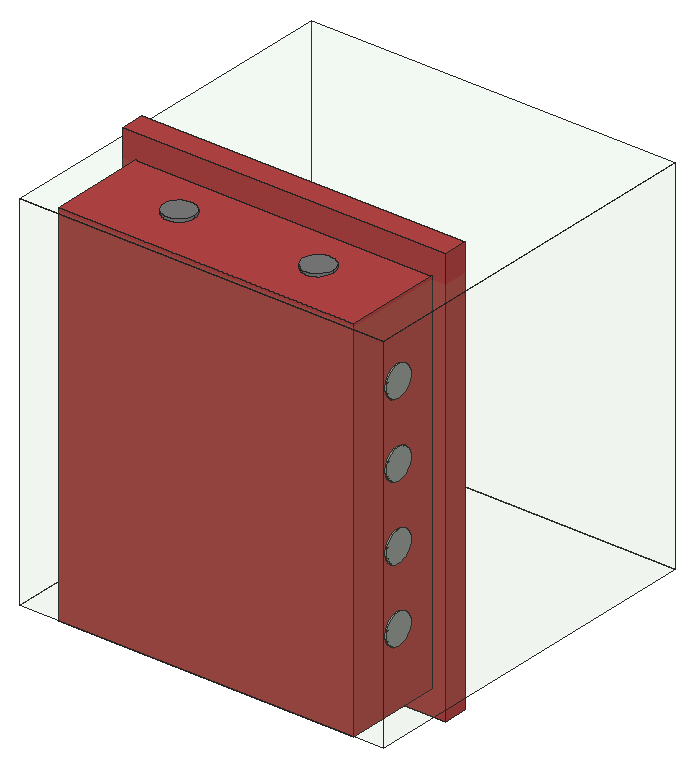
Revit family "ZETA_Коробка_Клемная_КЗНА-32_IP43", category Электрические приборы, Revit 2021
Family settings
  Сохранять ориентацию аннотаций = Нет
  Размер круглого соединителя = Использовать диаметр
  Тип детали = Нормальный
  На основе рабочей плоскости = Да
  Всегда вертикально = Нет
  При загрузке вырезать с полостями = Нет
  Общий = Нет
  Точка принадлежности помещению = Да
Parameters (values of type "КЗНА_32")
  УГО_Ширина = 10 mm
  УГО_Смещение_Х [instance] = 0 mm
  УГО_Смещение_Y [instance] = 0 mm
  УГО_Высота = 5 mm
  Температура эксплуатации = "от -40°С до +60°С"
  Сечение жил до = "4мм2"
  Сертификат = "RU C-RU.АД84.В.00192/20"
  Потолочное размещение [instance] = no
  Default Elevation = 1219.2 mm
  Описание = "Коробки клеммные соединительные КМ43 и КМ65 предназначены для\r\nсоединения и разветвления силовых электрических цепей и цепей КИПиА,\r\nвыполняемых контрольными и силовыми кабелями с алюминиевыми или медными\r\nжилами сечением 1,5-4мм2."
  Номинальный ток = "до 25A"
  Напряжение постоянного тока = "440 В"
  Напряжение переменного тока = "660 В"
  Крышка_Ширина = 160 mm
  Крышка_Длина = 190 mm
  Климатическое исполнение = "У3"
  Изготовитель = "АО «ЗЭТА»"  # constant formula
  Изготавливается по = "ТУ 27.33.13.120-047-99856433-2020"
  URL = "https://nzeta.ru/"
  D4 = 40 mm
  D3 = 20 mm
  D2 = 32 mm
  D1 = 25 mm
  В_УГО_Смещение_У [instance] = УГО_Смещение_Y + 2000 mm  # 2000 mm
  В_УГО_Смещение_X [instance] = УГО_Смещение_Х + 2000 mm  # 2000 mm
  ADSK_Ток = 0 A
  ADSK_Степень защиты_IP = "IP43"
  ADSK_Размер_Ширина = 266 mm
  ADSK_Размер_УголПоворота [instance] = if(Потолочное размещение, -90.00°, 180.00°)  # 180.00°
  ADSK_Размер_Длина = 345 mm
  ADSK_Размер_Высота = 107 mm
  ADSK_Примечание [instance] = ""
  ADSK_Полная мощность = 0 VA
  ADSK_Позиция [instance] = ""
  ADSK_Обозначение = "KK"
  ADSK_Номинальная мощность = 0 W
  ADSK_Номер стояка = ""
  ADSK_Номер линии = 0
  ADSK_Напряжение = 230 V
  ADSK_Наименование краткое = "КЗНА-32"
  ADSK_Наименование = "Коробка с зажимами наборными КЗНА-32 У3 IP43 ГОФРОМАТИК"
  ADSK_Материал наименование = "Сталь оцинкованная"
  ADSK_Масса_Текст = "4,12"
  ADSK_Масса = 4.12
  ADSK_Марка = "KK КЗНА-32 У3 IP43"
  ADSK_Коэффициент мощности = 1
  ADSK_Количество фаз числовое = 1
  ADSK_Количество фаз = 1
  ADSK_Количество = 1
  ADSK_Код изделия = "zeta30312"
  ADSK_Классификация нагрузок = Прочее
  ADSK_Завод-изготовитель = "АО «ЗЭТА»"  # constant formula
  ADSK_Единица измерения = "шт"  # constant formula
  ADSK_Версия семейства = "v.1"  # constant formula
  ADSK_Версия Revit = "2021"
  ADSK_URL страницы изделия = "https://nzeta.ru/catalog/?q=zeta30312"
  ADSK_URL документации изделия = "https://nzeta.ru/upload/uf/f5f/87u25il6p20an3n5qk18xire3ebw13ju/passport.pdf"
Types (2): name
  КЗНА_32
  КЗНА_32_IP43
Reference planes
  plane 1 "По центру (Вперед/Назад)": y = 0
  plane 2: z = 0
  plane 3 "По центру (Влево/Вправо)": x = 0
  plane 4: x = -2000
  plane 5: y = -2000
  plane 6: x = 0
  plane 7: y = 0
Lines and regions (mm)
  reference lines
    curve 1: line (0, 0, 0) -> (0, 0, -180)
    curve 2: line (0, 0, 0) -> (0, 140, 0)
Dimensions and locks
  "В_УГО_Смещение_X": plane 4 to plane 6
  "В_УГО_Смещение_У": plane 7 to plane 5
  angle curve 2 to curve 1 = 90.00°
  "ADSK_Размер_УголПоворота": angle plane 1 "По центру (Вперед/Назад)" to curve 1
  aligned and locked: level to plane 2
  aligned and locked: plane 6 to nested 1
  aligned and locked: nested 1 to plane 7
  aligned and locked: plane 2 to curve 2
  aligned and locked: plane 1 "По центру (Вперед/Назад)" to curve 1
  aligned and locked: nested 2 to curve 2
Nested families
  nested 1: "УГО_Клеменная_Коробка_(GenAnn)" at (0, 0, 0), УГО_Высота <- "УГО_Высота", УГО_Длина <- "УГО_Ширина", ADSK_Обозначение <- "ADSK_Обозначение", ADSK_Степень защиты_IP <- "ADSK_Степень защиты_IP", type "УГО_Клеменная_Коробка_(GenAnn)", detail levels coarse+medium
    with УГО_Длина 10 mm, УГО_Высота 5 mm, ADSK_Степень защиты_IP "IP43", ADSK_Обозначение "KK"
  nested 2: "ZETA_Коробка_Клемная_КЗНА-32_IP43_Геометрия" at (0, 0, 0) x (0, 0, -1) z (0, 1, 0), type "КЗНА-32", detail levels medium+fine
  nested 3: "Zeta_Зона обслуживания" at (149.053, 146.885, 0) x (0, -1, 0) z (0, 0, -1), type "Зона обслуживания_Куб", detail levels medium+fine
    with Зона обслуживания_Ширина 300 mm, Зона обслуживания_Длина 300 mm, Зона обслуживания_Высота 300 mm
Connectors
  cabletrayconduit at (-123.595, 43.588, 91.442), diameter 32, driven by "D2"
    settings: on nested 2, index 2, connector width 300 mm, connector height 300 mm, connector angle 0.00°, system type 32, placement type 0, profile type 0, connector reference index -1, is primary connector yes, connector utility param no, connector description ""
  cabletrayconduit at (-123.595, 43.588, 30.481), diameter 32, driven by "D2"
    settings: on nested 2, index 3, connector width 300 mm, connector height 300 mm, connector angle 0.00°, system type 32, placement type 0, profile type 0, connector reference index -1, is primary connector no, connector utility param no, connector description ""
  cabletrayconduit at (-123.595, 43.588, -30.481), diameter 40, driven by "D4"
    settings: on nested 2, index 4, connector width 300 mm, connector height 300 mm, connector angle 0.00°, system type 32, placement type 0, profile type 0, connector reference index -1, is primary connector no, connector utility param no, connector description ""
  electrical at (0, 0, 0), driven by "ADSK_Количество фаз", driven by "ADSK_Классификация нагрузок", driven by "ADSK_Напряжение", driven by "ADSK_Полная мощность", driven by "ADSK_Коэффициент мощности"
    settings: on nested 2, index 5, voltage 230 V, apparent load 0 VA, apparent load phase1 0 VA, apparent load phase2 0 VA, apparent load phase3 0 VA, power factor 1, load classification "Прочее", number of poles 1, system type 30, power factor state 1, is connector primary yes, connector utility no, sub classification motor no, connector description ""
  cabletrayconduit at (123.524, 43.588, 91.442), diameter 25, driven by "D1"
    settings: on nested 2, index 7, connector width 300 mm, connector height 300 mm, connector angle 0.00°, system type 32, placement type 0, profile type 0, connector reference index -1, is primary connector no, connector utility param no, connector description ""
  cabletrayconduit at (123.524, 43.588, -91.442), diameter 25, driven by "D1"
    settings: on nested 2, index 8, connector width 300 mm, connector height 300 mm, connector angle 0.00°, system type 32, placement type 0, profile type 0, connector reference index -1, is primary connector no, connector utility param no, connector description ""
  cabletrayconduit at (123.524, 43.588, 30.481), diameter 25, driven by "D1"
    settings: on nested 2, index 9, connector width 300 mm, connector height 300 mm, connector angle 0.00°, system type 32, placement type 0, profile type 0, connector reference index -1, is primary connector no, connector utility param no, connector description ""
  cabletrayconduit at (-123.595, 43.588, -91.442), diameter 32, driven by "D2"
    settings: on nested 2, index 11, connector width 300 mm, connector height 300 mm, connector angle 0.00°, system type 32, placement type 0, profile type 0, connector reference index -1, is primary connector no, connector utility param no, connector description ""
  cabletrayconduit at (-57.269, 43.588, -154.404), diameter 25, driven by "D1"
    settings: on nested 2, index 12, connector width 300 mm, connector height 300 mm, connector angle 0.00°, system type 32, placement type 0, profile type 0, connector reference index -1, is primary connector no, connector utility param no, connector description ""
  cabletrayconduit at (57.269, 43.588, -154.404), diameter 25, driven by "D1"
    settings: on nested 2, index 13, connector width 300 mm, connector height 300 mm, connector angle 0.00°, system type 32, placement type 0, profile type 0, connector reference index -1, is primary connector no, connector utility param no, connector description ""
  cabletrayconduit at (123.524, 43.588, -30.481), diameter 25, driven by "D1"
    settings: on nested 2, index 14, connector width 300 mm, connector height 300 mm, connector angle 0.00°, system type 32, placement type 0, profile type 0, connector reference index -1, is primary connector no, connector utility param no, connector description ""
  cabletrayconduit at (57.269, 43.588, 154.404), diameter 25, driven by "D1"
    settings: on nested 2, index 15, connector width 300 mm, connector height 300 mm, connector angle 0.00°, system type 32, placement type 0, profile type 0, connector reference index -1, is primary connector no, connector utility param no, connector description ""
  cabletrayconduit at (-57.269, 43.588, 154.404), diameter 25, driven by "D1"
    settings: on nested 2, index 16, connector width 300 mm, connector height 300 mm, connector angle 0.00°, system type 32, placement type 0, profile type 0, connector reference index -1, is primary connector no, connector utility param no, connector description ""
Definition of nested family "ZETA_Коробка_Клемная_КЗНА-32_IP43_Геометрия"
  Parameters (values of type "КЗНА-32")
    Привязки_Штуцер = 177.786 mm
    Default Elevation = 1219.2 mm
    Основание_Ширина = ADSK_Размер_Ширина * 0.9142  # 243.177 mm
    Основание_Длина = ADSK_Размер_Длина * 0.8835  # 304.808 mm
    Manufacturer = "АО \"ЗЭТАРУС\""
    D4 = 40 mm
    D3 = 20 mm
    D2 = 32 mm
    D1 = 25 mm
    ADSK_Размер_Ширина = 266 mm
    ADSK_Размер_Длина = 345 mm
    ADSK_Размер_Высота = 107 mm
  Reference planes
    plane 1 "По центру (Вперед/Назад)": y = 0
    plane 2: z = 0
    plane 3 "По центру (Влево/Вправо)": x = 0
    plane 4: x = -152.404
    plane 5: x = 152.404
    plane 6: y = -121.589
    plane 7: y = 121.589
    plane 8: x = -172.5
    plane 9: y = -133
    plane 10: x = 172.5
    plane 11: y = 133
    plane 12: z = 107
    plane 13: z = 79.822
    plane 14: y = -57.269
    plane 15: y = 57.269
    plane 16: z = 43.588
    plane 17: y = -123.595
    plane 18: y = 123.524
    plane 19: x = -30.481
    plane 20: x = -91.442
    plane 21: x = 30.481
    plane 22: x = 91.442
    plane 23: x = 154.404
  Forms (mm)
    Extrusion 1, solid
      sketch origin (0, 0, 0) x (1, 0, 0) y (0, 1, 0)
        loop
          line (-152.404, 121.589) -> (-152.404, -121.589) -> (152.404, -121.589) -> (152.404, 121.589) -> (-152.404, 121.589)
      from 0 to 79.822
    Extrusion 2, solid
      sketch origin (0, 0, 0) x (1, 0, 0) y (0, 1, 0)
        loop
          line (-172.5, 133) -> (-172.5, -133) -> (172.5, -133) -> (172.5, 133) -> (-172.5, 133)
      from 100 to 79.822
    Extrusion 3, solid
      sketch origin (0, 0, 0) x (1, 0, 0) y (0, 0, 1)
        loop
          circle (-91.442, 43.588) r 16
      from 121.589 to 123.595
    Extrusion 4, solid
      sketch origin (43.5, 0, 0) x (1, 0, 0) y (0, 0, 1)
        loop
          circle (-73.981, 43.588) r 16
      from 123.595 to 121.589
    Extrusion 5, solid
      sketch origin (117, 0, 0) x (1, 0, 0) y (0, 0, 1)
        loop
          circle (-86.519, 43.588) r 20
      from 123.595 to 121.589
    Extrusion 6, solid
      sketch origin (85.899, 167.006, 14.478) x (1, 0, 0) y (0, 0, 1)
        loop
          circle (-116.38, 29.11) r 12.5
      from 43.482 to 45.417
    Extrusion 7, solid
      sketch origin (26.528, 167.006, 14.478) x (1, 0, 0) y (0, 0, 1)
        loop
          circle (-117.97, 29.11) r 12.5
      from 43.482 to 45.417
    Extrusion 8, solid
      sketch origin (142.642, 206.667, 14.478) x (1, 0, 0) y (0, 0, 1)
        loop
          circle (-112.162, 29.11) r 12.5
      from 85.079 to 83.144
    Extrusion 9, solid
      sketch origin (197.414, 210.537, 14.478) x (1, 0, 0) y (0, 0, 1)
        loop
          circle (-105.972, 29.11) r 12.5
      from 87.014 to 88.949
    Extrusion 10, solid
      sketch origin (177.962, 0, 0) x (1, 0, 0) y (0, 0, 1)
        loop
          circle (-86.519, 43.588) r 16
      from 123.595 to 121.589
    Extrusion 11, solid
      sketch origin (152.404, 121.589, 0) x (0, -1, 0) y (0, 0, -1)
        loop
          circle (178.857, -43.588) r 12.5
      from 0 to 2
    Extrusion 12, solid
      sketch origin (152.404, 236.126, 0) x (0, -1, 0) y (0, 0, -1)
        loop
          circle (178.857, -43.588) r 12.5
      from 0 to 2
    Extrusion 13, solid
      sketch origin (-154.404, 236.126, 0) x (0, -1, 0) y (0, 0, -1)
        loop
          circle (178.857, -43.588) r 12.5
      from 0 to 2
    Extrusion 14, solid
      sketch origin (-154.404, 121.589, 0) x (0, -1, 0) y (0, 0, -1)
        loop
          circle (178.857, -43.588) r 12.5
      from 0 to 2
  Dimensions and locks
    equal spacing: plane 4, plane 3 "По центру (Влево/Вправо)", plane 5
    equal spacing: plane 7, plane 1 "По центру (Вперед/Назад)", plane 6
    "Основание_Ширина": plane 7 to plane 6
    "Основание_Длина": plane 4 to plane 5
    equal spacing: plane 11, plane 1 "По центру (Вперед/Назад)", plane 9
    equal spacing: plane 8, plane 3 "По центру (Влево/Вправо)", plane 10
    "ADSK_Размер_Ширина": plane 11 to plane 9
    "ADSK_Размер_Длина": plane 8 to plane 10
    "ADSK_Размер_Высота": plane 12 to level
    locked: plane 6 to plane 17 at 2.006
    locked: plane 18 to plane 7 at 1.935
    equal spacing: plane 4, plane 20, plane 19, plane 21, plane 22, plane 5
    equal spacing: plane 15, plane 1 "По центру (Вперед/Назад)", plane 14
    plane 5 to plane 23 = 2 mm
    "D2": diameter of Extrusion 3 sketch curve
    "D2": diameter of Extrusion 4 sketch curve
    "D4": diameter of Extrusion 5 sketch curve
    "D1": diameter of Extrusion 6 sketch curve
    "D1": diameter of Extrusion 7 sketch curve
    "D1": diameter of Extrusion 8 sketch curve
    "D1": diameter of Extrusion 9 sketch curve
    "D2": diameter of Extrusion 10 sketch curve
    "D1": diameter of Extrusion 11 sketch curve
    "D1": diameter of Extrusion 12 sketch curve
    "D1": diameter of Extrusion 13 sketch curve
    "D1": diameter of Extrusion 14 sketch curve
    aligned and locked: level to plane 2
    aligned and locked: Extrusion 1 sketch curve to plane 7
    aligned and locked: plane 4 to Extrusion 1 sketch curve
    aligned and locked: plane 6 to Extrusion 1 sketch curve
    aligned and locked: Extrusion 1 sketch curve to plane 5
    aligned and locked: Extrusion 2 sketch curve to plane 11
    aligned and locked: plane 8 to Extrusion 2 sketch curve
    aligned and locked: plane 9 to Extrusion 2 sketch curve
    aligned and locked: Extrusion 2 sketch curve to plane 10
    aligned and locked: Extrusion 2 to plane 13
    aligned and locked: Extrusion 1 to Extrusion 2
    aligned and locked: plane 16 to Extrusion 3 sketch curve
    aligned and locked: plane 6 to Extrusion 3
    aligned and locked: Extrusion 3 to plane 17
    aligned and locked: plane 18 to Extrusion 6
    aligned and locked: Extrusion 6 to plane 7
    aligned and locked: Extrusion 4 to Extrusion 1
    aligned and locked: Extrusion 4 to plane 17
    aligned and locked: Extrusion 5 to Extrusion 1
    aligned and locked: Extrusion 5 to plane 17
    aligned and locked: plane 16 to Extrusion 5 sketch curve
    aligned and locked: plane 16 to Extrusion 6 sketch curve
    aligned and locked: plane 19 to Extrusion 6 sketch curve
    aligned and locked: plane 7 to Extrusion 7
    aligned and locked: plane 18 to Extrusion 7
    aligned and locked: Extrusion 9 to plane 7
    aligned and locked: plane 18 to Extrusion 9
    aligned and locked: plane 22 to Extrusion 9 sketch curve
    aligned and locked: plane 21 to Extrusion 8 sketch curve
    aligned and locked: plane 20 to Extrusion 7 sketch curve
    aligned and locked: plane 20 to Extrusion 3 sketch curve
    aligned and locked: plane 19 to Extrusion 4 sketch curve
    aligned and locked: plane 21 to Extrusion 5 sketch curve
    aligned and locked: plane 22 to Extrusion 10 sketch curve
    aligned and locked: plane 15 to Extrusion 12 sketch curve
    aligned and locked: plane 23 to Extrusion 12
    aligned and locked: plane 23 to Extrusion 11
  Automatic sketch dimensions
    Extrusion 4 sketch curve to plane 16 = 0 mm
    Extrusion 7 sketch curve to plane 16 = 0 mm
    Extrusion 8 sketch curve to plane 16 = 0 mm
    Extrusion 9 sketch curve to plane 16 = 0 mm
    Extrusion 10 sketch curve to plane 16 = 0 mm
    Extrusion 1 to Extrusion 11 sketch curve = 64.32 mm
    Extrusion 1 to Extrusion 11 sketch curve = 36.234 mm
    Extrusion 1 to Extrusion 12 sketch curve = 36.234 mm
    Extrusion 13 sketch curve to plane 15 = 0 mm
    Extrusion 13 sketch curve to plane 16 = 0 mm
    Extrusion 14 sketch curve to plane 14 = 0 mm
    Extrusion 14 sketch curve to plane 16 = 0 mm
Definition of nested family "Zeta_Зона обслуживания"
  Parameters (values of type "Зона обслуживания_Куб")
    Default Elevation = 1219.2 mm
    Зона обслуживания_Ширина [instance] = 300 mm
    Зона обслуживания_Длина [instance] = 300 mm
    Зона обслуживания_Высота [instance] = 300 mm
  Reference planes
    plane 1 "По центру (Вперед/Назад)": y = 0
    plane 2: z = 0
    plane 3 "По центру (Влево/Вправо)": x = 0
    plane 4: x = -150
    plane 5: x = 150
    plane 6: y = 300
    plane 7: z = 150
    plane 8: z = -150
  Forms (mm)
    Extrusion 1, solid
      sketch origin (0, 0, 0) x (1, 0, 0) y (0, 1, 0)
        loop
          line (-150, 300) -> (-150, 0) -> (150, 0) -> (150, 300) -> (-150, 300)
      from -150 to 150
  Dimensions and locks
    equal spacing: plane 4, plane 3 "По центру (Влево/Вправо)", plane 5
    "Зона обслуживания_Ширина": plane 6 to plane 1 "По центру (Вперед/Назад)"
    "Зона обслуживания_Длина": plane 4 to plane 5
    equal spacing: plane 7, level, plane 8
    "Зона обслуживания_Высота": plane 7 to plane 8
    aligned and locked: level to plane 2
    aligned and locked: Extrusion 1 sketch curve to plane 6
    aligned and locked: plane 4 to Extrusion 1 sketch curve
    aligned and locked: Extrusion 1 sketch curve to plane 5
    aligned and locked: Extrusion 1 to plane 8
    aligned and locked: plane 7 to Extrusion 1
    aligned and locked: plane 1 "По центру (Вперед/Назад)" to Extrusion 1
  Automatic sketch dimensions
    plane 1 "По центру (Вперед/Назад)" to Extrusion 1 sketch curve = 0 mm
Definition of nested family "УГО_Клеменная_Коробка_(GenAnn)"
  Parameters (values of type "УГО_Клеменная_Коробка_(GenAnn)")
    УГО_Длина [instance] = 10 mm
    УГО_Высота [instance] = 5 mm
    ADSK_Степень защиты_IP [instance] = ""
    ADSK_Обозначение [instance] = ""
  Reference planes
    plane 1: y = 0
    plane 2: x = 0
  Lines and regions (mm)
    Filled region 1, type "Filled region 1"
      outline origin (0, 0, 0) x (1, 0, 0) y (0, 1, 0)
        loop
          line (-5, 2.5) -> (-5, -2.5) -> (5, -2.5) -> (5, 2.5) -> (-5, 2.5)
    reference lines
      curve 1: line (-5, 2.5, 0) -> (-5, -2.5, 0)
      curve 2: line (-5, -2.5, 0) -> (5, -2.5, 0)
      curve 3: line (5, 2.5, 0) -> (5, -2.5, 0)
      curve 4: line (-5, 2.5, 0) -> (5, 2.5, 0)
  Text (mm)
    label "KK IP 54" at (0.033, -0.03, 0), shows "ADSK_Обозначение", "ADSK_Степень защиты_IP"
  Dimensions and locks
    equal spacing: curve 1, plane 2, curve 3
    equal spacing: curve 2, plane 1, curve 4
    "УГО_Длина": curve 1 to curve 3
    "УГО_Высота": curve 2 to curve 4
    aligned and locked: Filled region 1 sketch curve to curve 4
    aligned and locked: Filled region 1 sketch curve to curve 1
    aligned and locked: Filled region 1 sketch curve to curve 2
    aligned and locked: Filled region 1 sketch curve to curve 3
